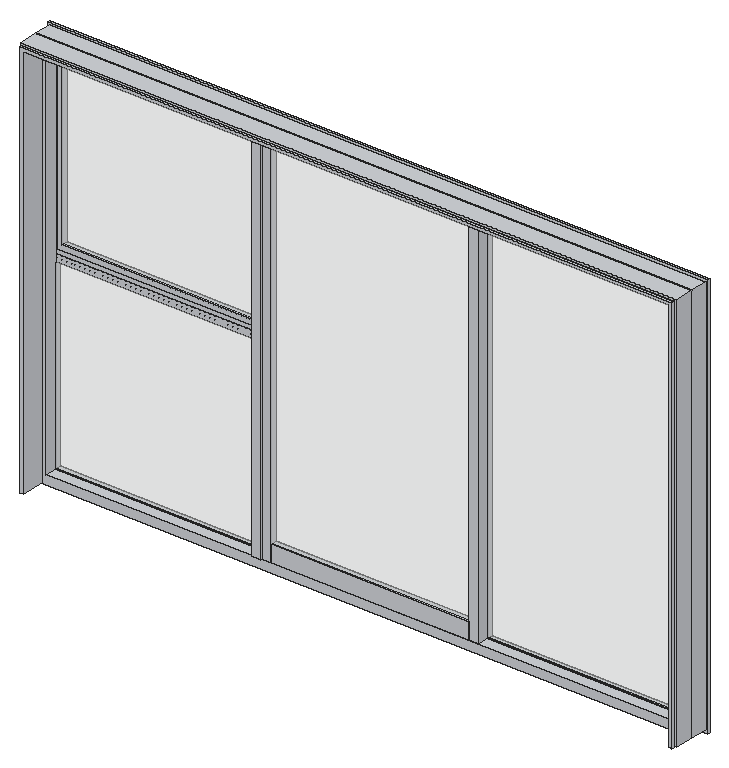
Revit family "APL Residential Thermal Heart Sliding Door FSF with Sidelight", category Doors, host Wall, Revit 2017 (continued)
Definition of nested family "APL Residential Thermal Heart Sliding Door FSF Vertical Section"
  Definition of nested family "Two Panel Sill"
    Definition of nested family "65380_Frame Sill"
      Lines and regions (mm)
        detail lines, in view "Ref. Level"
          curve 485: arc (13.393, 1.8, 0) -> (13.496, 1.814, 0) -> (13.593, 1.854, 0) r 0.4
          curve 486: arc (15.121, 2.739, 0) -> (15.411, 2.859, 0) -> (15.722, 2.9, 0) r 1.2
          curve 487: arc (16.645, 2.9, 0) -> (17.218, 3.081, 0) -> (17.584, 3.558, 0) r 1
          curve 488: arc (18.377, 5.737, 0) -> (18.524, 5.928, 0) -> (18.753, 6, 0) r 0.4
          curve 489: arc (21.447, 6, 0) -> (21.676, 5.928, 0) -> (21.823, 5.737, 0) r 0.4
          curve 490: arc (22.616, 3.558, 0) -> (22.982, 3.081, 0) -> (23.555, 2.9, 0) r 1
          curve 491: arc (24.478, 2.9, 0) -> (24.789, 2.859, 0) -> (25.079, 2.739, 0) r 1.2
          curve 492: arc (26.607, 1.854, 0) -> (26.704, 1.814, 0) -> (26.807, 1.8, 0) r 0.4
          curve 493: arc (27.1, 1.8, 0) -> (27.383, 1.917, 0) -> (27.5, 2.2, 0) r 0.4
          curve 494: arc (27.5, 5.6, 0) -> (27.383, 5.883, 0) -> (27.1, 6, 0) r 0.4
          curve 495: arc (26.807, 6, 0) -> (26.704, 5.987, 0) -> (26.607, 5.946, 0) r 0.4
          curve 496: arc (25.079, 5.062, 0) -> (24.785, 4.94, 0) -> (24.47, 4.9, 0) r 1.2
          curve 497: arc (24.47, 4.9, 0) -> (24.295, 4.953, 0) -> (24.184, 5.098, 0) r 0.3
          curve 498: arc (23.296, 7.537, 0) -> (23.149, 7.728, 0) -> (22.92, 7.8, 0) r 0.4
          curve 499: arc (17.28, 7.8, 0) -> (17.051, 7.728, 0) -> (16.904, 7.537, 0) r 0.4
          curve 500: arc (16.016, 5.098, 0) -> (15.905, 4.953, 0) -> (15.73, 4.9, 0) r 0.3
          curve 501: arc (15.73, 4.9, 0) -> (15.415, 4.94, 0) -> (15.121, 5.062, 0) r 1.2
          curve 502: arc (13.593, 5.946, 0) -> (13.496, 5.987, 0) -> (13.393, 6, 0) r 0.4
          curve 503: arc (13.1, 6, 0) -> (12.817, 5.883, 0) -> (12.7, 5.6, 0) r 0.4
          curve 504: line (13.1, 1.8, 0) -> (13.393, 1.8, 0)
          curve 505: line (13.593, 1.854, 0) -> (15.121, 2.739, 0)
          curve 506: line (15.722, 2.9, 0) -> (16.645, 2.9, 0)
          curve 507: line (17.584, 3.558, 0) -> (18.377, 5.737, 0)
          curve 508: line (18.753, 6, 0) -> (21.447, 6, 0)
          curve 509: line (21.823, 5.737, 0) -> (22.616, 3.558, 0)
          curve 510: line (23.555, 2.9, 0) -> (24.478, 2.9, 0)
          curve 511: line (25.079, 2.739, 0) -> (26.607, 1.854, 0)
          curve 512: line (26.807, 1.8, 0) -> (27.1, 1.8, 0)
          curve 513: line (27.5, 2.2, 0) -> (27.5, 5.6, 0)
          curve 514: line (27.1, 6, 0) -> (26.807, 6, 0)
          curve 515: line (26.607, 5.946, 0) -> (25.079, 5.062, 0)
          curve 516: line (24.184, 5.098, 0) -> (23.296, 7.537, 0)
          curve 517: line (22.92, 7.8, 0) -> (17.28, 7.8, 0)
          curve 518: line (16.904, 7.537, 0) -> (16.016, 5.098, 0)
          curve 519: line (15.121, 5.062, 0) -> (13.593, 5.946, 0)
          curve 520: line (13.393, 6, 0) -> (13.1, 6, 0)
          curve 521: line (12.7, 5.6, 0) -> (12.7, 2.2, 0)
          curve 522: arc (12.7, 18.4, 0) -> (12.817, 18.117, 0) -> (13.1, 18, 0) r 0.4
          curve 523: arc (13.393, 18, 0) -> (13.496, 18.014, 0) -> (13.593, 18.054, 0) r 0.4
          curve 524: arc (15.121, 18.939, 0) -> (15.411, 19.059, 0) -> (15.722, 19.1, 0) r 1.2
          curve 525: arc (16.645, 19.1, 0) -> (17.218, 19.281, 0) -> (17.584, 19.758, 0) r 1
          curve 526: arc (18.377, 21.937, 0) -> (18.524, 22.128, 0) -> (18.753, 22.2, 0) r 0.4
          curve 527: arc (21.447, 22.2, 0) -> (21.676, 22.128, 0) -> (21.823, 21.937, 0) r 0.4
          curve 528: arc (22.616, 19.758, 0) -> (22.982, 19.281, 0) -> (23.555, 19.1, 0) r 1
          curve 529: arc (24.478, 19.1, 0) -> (24.789, 19.059, 0) -> (25.079, 18.939, 0) r 1.2
          curve 530: arc (26.607, 18.054, 0) -> (26.704, 18.014, 0) -> (26.807, 18, 0) r 0.4
          curve 531: arc (27.1, 18, 0) -> (27.383, 18.117, 0) -> (27.5, 18.4, 0) r 0.4
          curve 532: arc (27.5, 21.8, 0) -> (27.383, 22.083, 0) -> (27.1, 22.2, 0) r 0.4
          curve 533: arc (26.807, 22.2, 0) -> (26.704, 22.187, 0) -> (26.607, 22.146, 0) r 0.4
          curve 534: arc (25.079, 21.262, 0) -> (24.785, 21.14, 0) -> (24.47, 21.1, 0) r 1.2
          curve 535: arc (24.47, 21.1, 0) -> (24.295, 21.153, 0) -> (24.184, 21.298, 0) r 0.3
          curve 536: arc (23.296, 23.737, 0) -> (23.149, 23.928, 0) -> (22.92, 24, 0) r 0.4
          curve 537: arc (17.28, 24, 0) -> (17.051, 23.928, 0) -> (16.904, 23.737, 0) r 0.4
          curve 538: arc (16.016, 21.298, 0) -> (15.905, 21.153, 0) -> (15.73, 21.1, 0) r 0.3
          curve 539: arc (15.73, 21.1, 0) -> (15.415, 21.14, 0) -> (15.121, 21.262, 0) r 1.2
          curve 540: arc (13.593, 22.146, 0) -> (13.496, 22.187, 0) -> (13.393, 22.2, 0) r 0.4
          curve 541: arc (13.1, 22.2, 0) -> (12.817, 22.083, 0) -> (12.7, 21.8, 0) r 0.4
          curve 542: line (13.1, 18, 0) -> (13.393, 18, 0)
          curve 543: line (13.593, 18.054, 0) -> (15.121, 18.939, 0)
          curve 544: line (15.722, 19.1, 0) -> (16.645, 19.1, 0)
          curve 545: line (17.584, 19.758, 0) -> (18.377, 21.937, 0)
          curve 546: line (18.753, 22.2, 0) -> (21.447, 22.2, 0)
          curve 547: line (21.823, 21.937, 0) -> (22.616, 19.758, 0)
          curve 548: line (23.555, 19.1, 0) -> (24.478, 19.1, 0)
          curve 549: line (25.079, 18.939, 0) -> (26.607, 18.054, 0)
          curve 550: line (26.807, 18, 0) -> (27.1, 18, 0)
          curve 551: line (27.5, 18.4, 0) -> (27.5, 21.8, 0)
          curve 552: line (27.1, 22.2, 0) -> (26.807, 22.2, 0)
          curve 553: line (26.607, 22.146, 0) -> (25.079, 21.262, 0)
          curve 554: line (24.184, 21.298, 0) -> (23.296, 23.737, 0)
          curve 555: line (22.92, 24, 0) -> (17.28, 24, 0)
          curve 556: line (16.904, 23.737, 0) -> (16.016, 21.298, 0)
          curve 557: line (15.121, 21.262, 0) -> (13.593, 22.146, 0)
          curve 558: line (13.393, 22.2, 0) -> (13.1, 22.2, 0)
          curve 559: line (12.7, 21.8, 0) -> (12.7, 18.4, 0)
          curve 560: arc (70.2, 10.4, 0) -> (70.317, 10.117, 0) -> (70.6, 10, 0) r 0.4
          curve 561: arc (70.893, 10, 0) -> (70.996, 10.014, 0) -> (71.093, 10.054, 0) r 0.4
          curve 562: arc (72.621, 10.939, 0) -> (72.911, 11.059, 0) -> (73.222, 11.1, 0) r 1.2
          curve 563: arc (74.145, 11.1, 0) -> (74.718, 11.281, 0) -> (75.084, 11.758, 0) r 1
          curve 564: arc (75.877, 13.937, 0) -> (76.024, 14.128, 0) -> (76.253, 14.2, 0) r 0.4
          curve 565: arc (78.947, 14.2, 0) -> (79.176, 14.128, 0) -> (79.323, 13.937, 0) r 0.4
          curve 566: arc (80.116, 11.758, 0) -> (80.482, 11.281, 0) -> (81.055, 11.1, 0) r 1
          curve 567: arc (81.978, 11.1, 0) -> (82.289, 11.059, 0) -> (82.579, 10.939, 0) r 1.2
          curve 568: arc (84.107, 10.054, 0) -> (84.204, 10.014, 0) -> (84.307, 10, 0) r 0.4
          curve 569: arc (84.6, 10, 0) -> (84.883, 10.117, 0) -> (85, 10.4, 0) r 0.4
          curve 570: arc (85, 13.8, 0) -> (84.883, 14.083, 0) -> (84.6, 14.2, 0) r 0.4
          curve 571: arc (84.307, 14.2, 0) -> (84.204, 14.187, 0) -> (84.107, 14.146, 0) r 0.4
          curve 572: arc (82.579, 13.262, 0) -> (82.285, 13.14, 0) -> (81.97, 13.1, 0) r 1.2
          curve 573: arc (81.97, 13.1, 0) -> (81.795, 13.153, 0) -> (81.684, 13.298, 0) r 0.3
          curve 574: arc (80.796, 15.737, 0) -> (80.649, 15.928, 0) -> (80.42, 16, 0) r 0.4
          curve 575: arc (74.78, 16, 0) -> (74.551, 15.928, 0) -> (74.404, 15.737, 0) r 0.4
          curve 576: arc (73.516, 13.298, 0) -> (73.405, 13.153, 0) -> (73.23, 13.1, 0) r 0.3
          curve 577: arc (73.23, 13.1, 0) -> (72.915, 13.14, 0) -> (72.621, 13.262, 0) r 1.2
          curve 578: arc (71.093, 14.146, 0) -> (70.996, 14.187, 0) -> (70.893, 14.2, 0) r 0.4
          curve 579: arc (70.6, 14.2, 0) -> (70.317, 14.083, 0) -> (70.2, 13.8, 0) r 0.4
          curve 580: line (70.6, 10, 0) -> (70.893, 10, 0)
          curve 581: line (71.093, 10.054, 0) -> (72.621, 10.939, 0)
          curve 582: line (73.222, 11.1, 0) -> (74.145, 11.1, 0)
          curve 583: line (75.084, 11.758, 0) -> (75.877, 13.937, 0)
          curve 584: line (76.253, 14.2, 0) -> (78.947, 14.2, 0)
          curve 585: line (79.323, 13.937, 0) -> (80.116, 11.758, 0)
          curve 586: line (81.055, 11.1, 0) -> (81.978, 11.1, 0)
          curve 587: line (82.579, 10.939, 0) -> (84.107, 10.054, 0)
          curve 588: line (84.307, 10, 0) -> (84.6, 10, 0)
          curve 589: line (85, 10.4, 0) -> (85, 13.8, 0)
          curve 590: line (84.6, 14.2, 0) -> (84.307, 14.2, 0)
          curve 591: line (84.107, 14.146, 0) -> (82.579, 13.262, 0)
          curve 592: line (81.684, 13.298, 0) -> (80.796, 15.737, 0)
          curve 593: line (80.42, 16, 0) -> (74.78, 16, 0)
          curve 594: line (74.404, 15.737, 0) -> (73.516, 13.298, 0)
          curve 595: line (72.621, 13.262, 0) -> (71.093, 14.146, 0)
          curve 596: line (70.893, 14.2, 0) -> (70.6, 14.2, 0)
          curve 597: line (70.2, 13.8, 0) -> (70.2, 10.4, 0)
          curve 598: arc (70.2, 5.6, 0) -> (70.317, 5.883, 0) -> (70.6, 6, 0) r 0.4
          curve 599: arc (70.893, 6, 0) -> (70.996, 5.987, 0) -> (71.093, 5.946, 0) r 0.4
          curve 600: arc (72.621, 5.062, 0) -> (72.911, 4.941, 0) -> (73.222, 4.9, 0) r 1.2
          curve 601: arc (74.145, 4.9, 0) -> (74.718, 4.719, 0) -> (75.084, 4.242, 0) r 1
          curve 602: arc (75.877, 2.063, 0) -> (76.024, 1.873, 0) -> (76.253, 1.8, 0) r 0.4
          curve 603: arc (78.947, 1.8, 0) -> (79.176, 1.873, 0) -> (79.323, 2.063, 0) r 0.4
          curve 604: arc (80.116, 4.242, 0) -> (80.482, 4.719, 0) -> (81.055, 4.9, 0) r 1
          curve 605: arc (81.978, 4.9, 0) -> (82.289, 4.941, 0) -> (82.579, 5.062, 0) r 1.2
          curve 606: arc (84.107, 5.946, 0) -> (84.204, 5.987, 0) -> (84.307, 6, 0) r 0.4
          curve 607: arc (84.6, 6, 0) -> (84.883, 5.883, 0) -> (85, 5.6, 0) r 0.4
          curve 608: arc (85, 2.2, 0) -> (84.883, 1.917, 0) -> (84.6, 1.8, 0) r 0.4
          curve 609: arc (84.307, 1.8, 0) -> (84.204, 1.814, 0) -> (84.107, 1.854, 0) r 0.4
          curve 610: arc (82.579, 2.739, 0) -> (82.285, 2.86, 0) -> (81.97, 2.9, 0) r 1.2
          curve 611: arc (81.97, 2.9, 0) -> (81.795, 2.847, 0) -> (81.684, 2.703, 0) r 0.3
          curve 612: arc (80.796, 0.263, 0) -> (80.649, 0.073, 0) -> (80.42, 0, 0) r 0.4
          curve 613: arc (74.78, 0, 0) -> (74.551, 0.073, 0) -> (74.404, 0.263, 0) r 0.4
          curve 614: arc (73.516, 2.703, 0) -> (73.405, 2.847, 0) -> (73.23, 2.9, 0) r 0.3
          curve 615: arc (73.23, 2.9, 0) -> (72.915, 2.86, 0) -> (72.621, 2.739, 0) r 1.2
          curve 616: arc (71.093, 1.854, 0) -> (70.996, 1.814, 0) -> (70.893, 1.8, 0) r 0.4
          curve 617: arc (70.6, 1.8, 0) -> (70.317, 1.917, 0) -> (70.2, 2.2, 0) r 0.4
          curve 618: line (70.6, 6, 0) -> (70.893, 6, 0)
          curve 619: line (71.093, 5.946, 0) -> (72.621, 5.062, 0)
          curve 620: line (73.222, 4.9, 0) -> (74.145, 4.9, 0)
          curve 621: line (75.084, 4.242, 0) -> (75.877, 2.063, 0)
          curve 622: line (76.253, 1.8, 0) -> (78.947, 1.8, 0)
          curve 623: line (79.323, 2.063, 0) -> (80.116, 4.242, 0)
          curve 624: line (81.055, 4.9, 0) -> (81.978, 4.9, 0)
          curve 625: line (82.579, 5.062, 0) -> (84.107, 5.946, 0)
          curve 626: line (84.307, 6, 0) -> (84.6, 6, 0)
          curve 627: line (85, 5.6, 0) -> (85, 2.2, 0)
          curve 628: line (84.6, 1.8, 0) -> (84.307, 1.8, 0)
          curve 629: line (84.107, 1.854, 0) -> (82.579, 2.739, 0)
          curve 630: line (81.684, 2.703, 0) -> (80.796, 0.263, 0)
          curve 631: line (80.42, 0, 0) -> (74.78, 0, 0)
          curve 632: line (74.404, 0.263, 0) -> (73.516, 2.703, 0)
          curve 633: line (72.621, 2.739, 0) -> (71.093, 1.854, 0)
          curve 634: line (70.893, 1.8, 0) -> (70.6, 1.8, 0)
          curve 635: line (70.2, 2.2, 0) -> (70.2, 5.6, 0)
          curve 636: line (106.85, 34.861, 0) -> (112.6, 36.402, 0)
          curve 637: line (111.139, 36.01, 0) -> (106.85, 36.01, 0)
          curve 638: line (112.6, 36.85, 0) -> (106.85, 36.85, 0)
          curve 639: line (112.6, 37.69, 0) -> (106.85, 37.69, 0)
          curve 640: line (112.6, 38.61, 0) -> (106.85, 38.61, 0)
          curve 641: line (112.6, 39.45, 0) -> (106.85, 39.45, 0)
          curve 642: line (111.139, 40.29, 0) -> (106.85, 40.29, 0)
          curve 643: line (112.6, 39.899, 0) -> (106.85, 41.439, 0)
          curve 644: line (112.85, 34.7, 0) -> (112.85, 41.6, 0)
          curve 645: line (112.6, 41.6, 0) -> (112.6, 34.7, 0)
          curve 646: line (112.6, 34.7, 0) -> (113.1, 34.7, 0)
          curve 647: line (113.1, 34.7, 0) -> (113.1, 41.6, 0)
          curve 648: line (113.1, 41.6, 0) -> (112.6, 41.6, 0)
          curve 662: line (74.15, 34.861, 0) -> (68.4, 36.402, 0)
          curve 663: line (69.861, 36.01, 0) -> (74.15, 36.01, 0)
          curve 664: line (68.4, 36.85, 0) -> (74.15, 36.85, 0)
          curve 665: line (68.4, 37.69, 0) -> (74.15, 37.69, 0)
          curve 666: line (68.4, 38.61, 0) -> (74.15, 38.61, 0)
          curve 667: line (68.4, 39.45, 0) -> (74.15, 39.45, 0)
          curve 668: line (69.861, 40.29, 0) -> (74.15, 40.29, 0)
          curve 669: line (68.4, 39.899, 0) -> (74.15, 41.439, 0)
          curve 670: line (68.15, 34.7, 0) -> (68.15, 41.6, 0)
          curve 671: line (68.4, 41.6, 0) -> (68.4, 34.7, 0)
          curve 672: line (68.4, 34.7, 0) -> (67.9, 34.7, 0)
          curve 673: line (67.9, 34.7, 0) -> (67.9, 41.6, 0)
          curve 674: line (67.9, 41.6, 0) -> (68.4, 41.6, 0)
        detail lines, in view "Ref. Level", not visible
          curve 649: line (101.764, -41.439, 0) -> (107.514, -39.899, 0)
          curve 650: line (106.053, -40.29, 0) -> (101.764, -40.29, 0)
          curve 651: line (107.514, -39.45, 0) -> (101.764, -39.45, 0)
          curve 652: line (107.514, -38.61, 0) -> (101.764, -38.61, 0)
          curve 653: line (107.514, -37.69, 0) -> (101.764, -37.69, 0)
          curve 654: line (107.514, -36.85, 0) -> (101.764, -36.85, 0)
          curve 655: line (106.053, -36.01, 0) -> (101.764, -36.01, 0)
          curve 656: line (107.514, -36.401, 0) -> (101.764, -34.861, 0)
          curve 657: line (107.764, -41.6, 0) -> (107.764, -34.7, 0)
          curve 658: line (107.514, -34.7, 0) -> (107.514, -41.6, 0)
          curve 659: line (107.514, -41.6, 0) -> (108.014, -41.6, 0)
          curve 660: line (108.014, -41.6, 0) -> (108.014, -34.7, 0)
          curve 661: line (108.014, -34.7, 0) -> (107.514, -34.7, 0)
      Text (mm)
        text "65380" at (9.719, 46, 0), in view "Ref. Level"
  Definition of nested family "Two Panel Head"
    Parameters (values of type "Two Panel Head")
      Threshold = yes
      Seal = yes
    Reference planes
      plane 1 "Center (Front/Back)": y = 0
      plane 2: z = 0
      plane 3 "Center (Left/Right)": x = 0
    Lines and regions (mm)
      detail lines, in view "Ref. Level", visible <- "Seal"
        curve 1: arc (40.782, -34.147, 0) -> (40.472, -34.007, 0) -> (40.309, -34.306, 0) r 0.25
        curve 2: arc (40.336, -44.194, 0) -> (40.498, -44.493, 0) -> (40.808, -44.353, 0) r 0.25
        curve 3: line (40.309, -34.306, 0) -> (41.303, -38.173, 0)
        curve 4: line (41.303, -38.173, 0) -> (40.3, -38.753, 0)
        curve 5: line (40.3, -38.753, 0) -> (40.3, -39.753, 0)
        curve 6: line (40.3, -39.753, 0) -> (41.325, -40.344, 0)
        curve 7: line (41.325, -40.344, 0) -> (40.336, -44.194, 0)
        curve 8: line (40.808, -44.353, 0) -> (42.532, -40.253, 0)
        curve 9: line (42.532, -40.253, 0) -> (43.8, -40.253, 0)
        curve 10: line (43.8, -40.253, 0) -> (43.8, -41.503, 0)
        curve 11: line (43.8, -41.503, 0) -> (44.8, -41.503, 0)
        curve 12: line (44.8, -41.503, 0) -> (44.8, -37.003, 0)
        curve 13: line (44.8, -37.003, 0) -> (43.8, -37.003, 0)
        curve 14: line (43.8, -37.003, 0) -> (43.8, -38.253, 0)
        curve 15: line (43.8, -38.253, 0) -> (42.508, -38.253, 0)
        curve 16: line (42.508, -38.253, 0) -> (40.782, -34.147, 0)
      detail lines, in view "Ref. Level", visible <- "Seal", not visible
        curve 17: arc (40.782, -34.147, 0) -> (40.472, -34.007, 0) -> (40.309, -34.306, 0) r 0.25
        curve 18: arc (40.336, -44.194, 0) -> (40.498, -44.493, 0) -> (40.808, -44.353, 0) r 0.25
        curve 19: line (40.309, -34.306, 0) -> (41.303, -38.173, 0)
        curve 20: line (41.303, -38.173, 0) -> (40.3, -38.753, 0)
        curve 21: line (40.3, -38.753, 0) -> (40.3, -39.753, 0)
        curve 22: line (40.3, -39.753, 0) -> (41.325, -40.344, 0)
        curve 23: line (41.325, -40.344, 0) -> (40.336, -44.194, 0)
        curve 24: line (40.808, -44.353, 0) -> (42.532, -40.253, 0)
        curve 25: line (42.532, -40.253, 0) -> (43.8, -40.253, 0)
        curve 26: line (43.8, -40.253, 0) -> (43.8, -41.503, 0)
        curve 27: line (43.8, -41.503, 0) -> (44.8, -41.503, 0)
        curve 28: line (44.8, -41.503, 0) -> (44.8, -37.003, 0)
        curve 29: line (44.8, -37.003, 0) -> (43.8, -37.003, 0)
        curve 30: line (43.8, -37.003, 0) -> (43.8, -38.253, 0)
        curve 31: line (43.8, -38.253, 0) -> (42.508, -38.253, 0)
        curve 32: line (42.508, -38.253, 0) -> (40.782, -34.147, 0)
    Dimensions and locks
      nested 1 to nested 2 = 7 mm
    Nested families
      nested 1: "65460_Door Top And Window Rail" at (74, -105, 0), type "65460_Door Top And Window Rail", in view "Ref. Level"
      nested 2: "65400_Frame Head" at (0, 0, 0), type "65400_Frame Head", in view "Ref. Level"
    Definition of nested family "65460_Door Top And Window Rail"
      Reference planes
        plane 1 "Center (Front/Back)": y = 0
        plane 2: z = 0
        plane 3 "Center (Left/Right)": x = 0
      Lines and regions (mm)
        detail lines, in view "Ref. Level"
          curve 1: arc (20.155, 25.72, 0) -> (19.65, 25.078, 0) -> (19.29, 24.346, 0) r 3.9
          curve 2: arc (19.29, 24.346, 0) -> (19.067, 24.218, 0) -> (18.902, 24.415, 0) r 0.2
          curve 3: arc (18.902, 31.835, 0) -> (19.067, 32.032, 0) -> (19.29, 31.904, 0) r 0.2
          curve 4: arc (19.29, 31.904, 0) -> (19.65, 31.172, 0) -> (20.155, 30.53, 0) r 3.9
          curve 5: arc (20.155, 30.53, 0) -> (21.428, 30.513, 0) -> (21.445, 31.786, 0) r 0.9
          curve 6: arc (21.445, 31.786, 0) -> (20.85, 33.25, 0) -> (21.445, 34.715, 0) r 2.1
          curve 7: arc (21.445, 34.715, 0) -> (21.57, 34.877, 0) -> (21.656, 35.064, 0) r 0.9
          curve 8: arc (21.656, 35.064, 0) -> (21.753, 35.236, 0) -> (21.91, 35.358, 0) r 0.5
          curve 9: arc (21.91, 35.358, 0) -> (22.95, 35.6, 0) -> (23.99, 35.358, 0) r 2.35
          curve 10: arc (23.99, 35.358, 0) -> (24.147, 35.236, 0) -> (24.244, 35.064, 0) r 0.5
          curve 11: arc (24.244, 35.064, 0) -> (24.33, 34.877, 0) -> (24.455, 34.715, 0) r 0.9
          curve 12: arc (24.455, 34.715, 0) -> (25.05, 33.25, 0) -> (24.455, 31.786, 0) r 2.1
          curve 13: arc (24.455, 31.786, 0) -> (24.472, 30.513, 0) -> (25.745, 30.53, 0) r 0.9
          curve 14: arc (25.745, 30.53, 0) -> (26.799, 32.619, 0) -> (26.468, 34.934, 0) r 3.9
          curve 15: arc (26.468, 34.934, 0) -> (26.496, 35.417, 0) -> (26.919, 35.65, 0) r 0.5
          curve 16: arc (31.08, 35.65, 0) -> (31.402, 35.533, 0) -> (31.572, 35.236, 0) r 0.5
          curve 17: arc (31.572, 21.014, 0) -> (31.402, 20.717, 0) -> (31.08, 20.6, 0) r 0.5
          curve 18: arc (26.919, 20.6, 0) -> (26.496, 20.834, 0) -> (26.468, 21.316, 0) r 0.5
          curve 19: arc (26.468, 21.316, 0) -> (26.799, 23.631, 0) -> (25.745, 25.72, 0) r 3.9
          curve 20: arc (25.745, 25.72, 0) -> (24.472, 25.737, 0) -> (24.455, 24.464, 0) r 0.9
          curve 21: arc (24.455, 24.464, 0) -> (25.05, 23, 0) -> (24.455, 21.535, 0) r 2.1
          curve 22: arc (24.455, 21.535, 0) -> (24.33, 21.373, 0) -> (24.244, 21.186, 0) r 0.9
          curve 23: arc (24.244, 21.186, 0) -> (24.147, 21.014, 0) -> (23.99, 20.892, 0) r 0.5
          curve 24: arc (23.99, 20.892, 0) -> (22.95, 20.65, 0) -> (21.91, 20.892, 0) r 2.35
          curve 25: arc (21.91, 20.892, 0) -> (21.753, 21.014, 0) -> (21.656, 21.186, 0) r 0.5
          curve 26: arc (21.656, 21.186, 0) -> (21.57, 21.373, 0) -> (21.445, 21.535, 0) r 0.9
          curve 27: arc (21.445, 21.535, 0) -> (20.85, 23, 0) -> (21.445, 24.464, 0) r 2.1
          curve 28: arc (21.445, 24.464, 0) -> (21.428, 25.737, 0) -> (20.155, 25.72, 0) r 0.9
          curve 29: arc (17.002, 21.247, 0) -> (17.028, 21.125, 0) -> (17.102, 21.023, 0) r 0.3
          curve 30: arc (17.102, 21.023, 0) -> (17.182, 20.693, 0) -> (16.902, 20.5, 0) r 0.3
          curve 31: arc (14.681, 21.043, 0) -> (14.592, 21.095, 0) -> (14.54, 21.184, 0) r 0.2
          curve 32: arc (14.495, 21.352, 0) -> (14.354, 21.493, 0) -> (14.161, 21.441, 0) r 0.2
          curve 33: arc (13.797, 21.077, 0) -> (13.737, 20.992, 0) -> (13.71, 20.891, 0) r 0.3
          curve 34: arc (13.503, 18.526, 0) -> (13.619, 18.262, 0) -> (13.905, 18.218, 0) r 0.3
          curve 35: arc (15.315, 18.731, 0) -> (15.441, 18.819, 0) -> (15.507, 18.957, 0) r 0.3
          curve 36: arc (15.507, 18.957, 0) -> (15.78, 19.199, 0) -> (16.085, 19, 0) r 0.3
          curve 37: arc (31.1, 19, 0) -> (31.414, 18.904, 0) -> (31.601, 18.633, 0) r 0.5
          curve 38: arc (32.601, 3.535, 0) -> (32.523, 3.377, 0) -> (32.349, 3.342, 0) r 0.2
          curve 39: arc (31.453, 3.583, 0) -> (31.279, 3.548, 0) -> (31.201, 3.389, 0) r 0.2
          curve 40: arc (31.439, 1.205, 0) -> (31.508, 1.087, 0) -> (31.636, 1.04, 0) r 0.2
          curve 41: arc (32.901, 0.203, 0) -> (32.959, 0.06, 0) -> (33.101, 0, 0) r 0.2
          curve 42: arc (33.8, 0, 0) -> (33.941, 0.059, 0) -> (34, 0.2, 0) r 0.2
          curve 43: arc (34, 71.5, 0) -> (33.854, 71.854, 0) -> (33.5, 72, 0) r 0.5
          curve 44: arc (32.4, 72, 0) -> (32.259, 71.942, 0) -> (32.2, 71.8, 0) r 0.2
          curve 45: arc (32.2, 57.95, 0) -> (32.141, 57.809, 0) -> (32, 57.75, 0) r 0.2
          curve 46: arc (29.4, 57.75, 0) -> (29.259, 57.692, 0) -> (29.2, 57.55, 0) r 0.2
          curve 47: arc (29.2, 56.45, 0) -> (29.259, 56.309, 0) -> (29.4, 56.25, 0) r 0.2
          curve 48: arc (32, 56.25, 0) -> (32.141, 56.192, 0) -> (32.2, 56.05, 0) r 0.2
          curve 49: arc (32.2, 42.95, 0) -> (32.141, 42.809, 0) -> (32, 42.75, 0) r 0.2
          curve 50: arc (29.4, 42.75, 0) -> (29.259, 42.692, 0) -> (29.2, 42.55, 0) r 0.2
          curve 51: arc (29.2, 41.45, 0) -> (29.259, 41.309, 0) -> (29.4, 41.25, 0) r 0.2
          curve 52: arc (32, 41.25, 0) -> (32.141, 41.192, 0) -> (32.2, 41.05, 0) r 0.2
          curve 53: arc (31.601, 37.618, 0) -> (31.422, 37.352, 0) -> (31.119, 37.25, 0) r 0.5
          curve 54: arc (16.085, 37.25, 0) -> (15.78, 37.051, 0) -> (15.507, 37.293, 0) r 0.3
          curve 55: arc (15.507, 37.293, 0) -> (15.441, 37.431, 0) -> (15.315, 37.519, 0) r 0.3
          curve 56: arc (13.905, 38.032, 0) -> (13.619, 37.988, 0) -> (13.503, 37.724, 0) r 0.3
          curve 57: arc (13.71, 35.359, 0) -> (13.737, 35.258, 0) -> (13.797, 35.173, 0) r 0.3
          curve 58: arc (14.161, 34.809, 0) -> (14.354, 34.757, 0) -> (14.495, 34.898, 0) r 0.2
          curve 59: arc (14.54, 35.066, 0) -> (14.592, 35.155, 0) -> (14.681, 35.207, 0) r 0.2
          curve 60: arc (16.902, 35.75, 0) -> (17.182, 35.557, 0) -> (17.102, 35.227, 0) r 0.3
          curve 61: arc (17.102, 35.227, 0) -> (17.028, 35.125, 0) -> (17.002, 35.003, 0) r 0.3
          curve 62: arc (17.196, 31, 0) -> (17.16, 30.828, 0) -> (17.002, 30.75, 0) r 0.2
          curve 63: arc (16.482, 30.75, 0) -> (16.4, 30.761, 0) -> (16.325, 30.794, 0) r 0.3
          curve 64: arc (15.071, 31.559, 0) -> (15.074, 31.729, 0) -> (14.968, 31.861, 0) r 0.25
          curve 65: arc (14.882, 31.914, 0) -> (14.63, 31.918, 0) -> (14.502, 31.7, 0) r 0.25
          curve 66: arc (14.502, 29.554, 0) -> (14.528, 29.456, 0) -> (14.598, 29.383, 0) r 0.2
          curve 67: arc (16.379, 28.296, 0) -> (16.475, 28.125, 0) -> (16.379, 27.954, 0) r 0.2
          curve 68: arc (14.598, 26.867, 0) -> (14.528, 26.794, 0) -> (14.502, 26.696, 0) r 0.2
          curve 69: arc (14.502, 24.55, 0) -> (14.629, 24.332, 0) -> (14.882, 24.336, 0) r 0.25
          curve 70: arc (14.968, 24.388, 0) -> (15.074, 24.521, 0) -> (15.071, 24.691, 0) r 0.25
          curve 71: arc (16.325, 25.456, 0) -> (16.4, 25.489, 0) -> (16.481, 25.5, 0) r 0.3
          curve 72: line (18.902, 24.415, 0) -> (18.902, 31.835, 0)
          curve 73: line (26.919, 35.65, 0) -> (31.08, 35.65, 0)
          curve 74: line (31.572, 35.236, 0) -> (32.193, 31.693, 0)
          curve 75: line (32.2, 31.607, 0) -> (32.2, 24.643, 0)
          curve 76: line (32.193, 24.557, 0) -> (31.572, 21.014, 0)
          curve 77: line (31.08, 20.6, 0) -> (26.919, 20.6, 0)
          curve 78: line (17.196, 25.25, 0) -> (17.002, 24.5, 0)
          curve 79: line (17.002, 24.474, 0) -> (17.002, 21.247, 0)
          curve 80: line (16.67, 20.51, 0) -> (14.681, 21.043, 0)
          curve 81: line (14.54, 21.184, 0) -> (14.495, 21.352, 0)
          curve 82: line (14.161, 21.441, 0) -> (13.797, 21.077, 0)
          curve 83: line (13.71, 20.891, 0) -> (13.503, 18.526, 0)
          curve 84: line (13.905, 18.218, 0) -> (15.315, 18.731, 0)
          curve 85: line (16.085, 19, 0) -> (31.1, 19, 0)
          curve 86: line (31.601, 18.633, 0) -> (32.583, 15.065, 0)
          curve 87: line (32.601, 14.933, 0) -> (32.601, 3.535, 0)
          curve 88: line (32.349, 3.342, 0) -> (31.453, 3.583, 0)
          curve 89: line (31.201, 3.389, 0) -> (31.201, 2.558, 0)
          curve 90: line (31.201, 2.558, 0) -> (31.439, 1.205, 0)
          curve 91: line (31.636, 1.04, 0) -> (32.901, 1.04, 0)
          curve 92: line (32.901, 1.04, 0) -> (32.901, 0.203, 0)
          curve 93: line (33.101, 0, 0) -> (33.8, 0, 0)
          curve 94: line (34, 0.2, 0) -> (34, 71.5, 0)
          curve 95: line (33.5, 72, 0) -> (32.4, 72, 0)
          curve 96: line (32.2, 71.8, 0) -> (32.2, 57.95, 0)
          curve 97: line (32, 57.75, 0) -> (29.4, 57.75, 0)
          curve 98: line (29.2, 57.55, 0) -> (29.2, 56.45, 0)
          curve 99: line (29.4, 56.25, 0) -> (32, 56.25, 0)
          curve 100: line (32.2, 56.05, 0) -> (32.2, 42.95, 0)
          curve 101: line (32, 42.75, 0) -> (29.4, 42.75, 0)
          curve 102: line (29.2, 42.55, 0) -> (29.2, 41.45, 0)
          curve 103: line (29.4, 41.25, 0) -> (32, 41.25, 0)
          curve 104: line (32.2, 41.05, 0) -> (32.2, 39.861, 0)
          curve 105: line (32.182, 39.728, 0) -> (31.601, 37.618, 0)
          curve 106: line (31.119, 37.25, 0) -> (23.35, 37.25, 0)
          curve 107: line (23.35, 37.25, 0) -> (22.95, 36.85, 0)
          curve 108: line (22.95, 36.85, 0) -> (22.55, 37.25, 0)
          curve 109: line (22.55, 37.25, 0) -> (16.085, 37.25, 0)
          curve 110: line (15.315, 37.519, 0) -> (13.905, 38.032, 0)
          curve 111: line (13.503, 37.724, 0) -> (13.71, 35.359, 0)
          curve 112: line (13.797, 35.173, 0) -> (14.161, 34.809, 0)
          curve 113: line (14.495, 34.898, 0) -> (14.54, 35.066, 0)
          curve 114: line (14.681, 35.207, 0) -> (16.67, 35.74, 0)
          curve 115: line (17.002, 35.003, 0) -> (17.002, 31.776, 0)
          curve 116: line (17.002, 31.75, 0) -> (17.196, 31, 0)
          curve 117: line (17.002, 30.75, 0) -> (16.482, 30.75, 0)
          curve 118: line (16.325, 30.794, 0) -> (15.071, 31.559, 0)
          curve 119: line (14.502, 31.7, 0) -> (14.502, 29.554, 0)
          curve 120: line (14.598, 29.383, 0) -> (16.379, 28.296, 0)
          curve 121: line (16.379, 27.954, 0) -> (14.598, 26.867, 0)
          curve 122: line (14.502, 26.696, 0) -> (14.502, 24.55, 0)
          curve 123: line (15.071, 24.691, 0) -> (16.325, 25.456, 0)
          curve 124: line (16.481, 25.5, 0) -> (17.002, 25.5, 0)
          curve 125: arc (17.002, 25.5, 0) -> (17.16, 25.422, 0) -> (17.196, 25.25, 0) r 0.2
          curve 126: arc (2.202, 31.65, 0) -> (2.319, 31.367, 0) -> (2.602, 31.25, 0) r 0.4
          curve 127: arc (2.895, 31.25, 0) -> (2.998, 31.264, 0) -> (3.095, 31.304, 0) r 0.4
          curve 128: arc (4.623, 32.189, 0) -> (4.913, 32.309, 0) -> (5.224, 32.35, 0) r 1.2
          curve 129: arc (6.147, 32.35, 0) -> (6.72, 32.531, 0) -> (7.086, 33.008, 0) r 1
          curve 130: arc (7.879, 35.187, 0) -> (8.026, 35.378, 0) -> (8.255, 35.45, 0) r 0.4
          curve 131: arc (10.949, 35.45, 0) -> (11.178, 35.378, 0) -> (11.325, 35.187, 0) r 0.4
          curve 132: arc (12.118, 33.008, 0) -> (12.484, 32.531, 0) -> (13.057, 32.35, 0) r 1
          curve 133: arc (13.98, 32.35, 0) -> (14.291, 32.309, 0) -> (14.581, 32.189, 0) r 1.2
          curve 134: arc (16.109, 31.304, 0) -> (16.206, 31.264, 0) -> (16.309, 31.25, 0) r 0.4
          curve 135: arc (16.602, 31.25, 0) -> (16.885, 31.367, 0) -> (17.002, 31.65, 0) r 0.4
          curve 136: arc (17.002, 35.05, 0) -> (16.885, 35.333, 0) -> (16.602, 35.45, 0) r 0.4
          curve 137: arc (16.309, 35.45, 0) -> (16.206, 35.437, 0) -> (16.109, 35.396, 0) r 0.4
          curve 138: arc (14.581, 34.512, 0) -> (14.287, 34.39, 0) -> (13.972, 34.35, 0) r 1.2
          curve 139: arc (13.972, 34.35, 0) -> (13.797, 34.403, 0) -> (13.686, 34.548, 0) r 0.3
          curve 140: arc (12.798, 36.987, 0) -> (12.651, 37.178, 0) -> (12.422, 37.25, 0) r 0.4
          curve 141: arc (6.782, 37.25, 0) -> (6.553, 37.178, 0) -> (6.406, 36.987, 0) r 0.4
          curve 142: arc (5.518, 34.548, 0) -> (5.407, 34.403, 0) -> (5.232, 34.35, 0) r 0.3
          curve 143: arc (5.232, 34.35, 0) -> (4.917, 34.39, 0) -> (4.623, 34.512, 0) r 1.2
          curve 144: arc (3.095, 35.396, 0) -> (2.998, 35.437, 0) -> (2.895, 35.45, 0) r 0.4
          curve 145: arc (2.602, 35.45, 0) -> (2.319, 35.333, 0) -> (2.202, 35.05, 0) r 0.4
          curve 146: line (2.602, 31.25, 0) -> (2.895, 31.25, 0)
          curve 147: line (3.095, 31.304, 0) -> (4.623, 32.189, 0)
          curve 148: line (5.224, 32.35, 0) -> (6.147, 32.35, 0)
          curve 149: line (7.086, 33.008, 0) -> (7.879, 35.187, 0)
          curve 150: line (8.255, 35.45, 0) -> (10.949, 35.45, 0)
          curve 151: line (11.325, 35.187, 0) -> (12.118, 33.008, 0)
          curve 152: line (13.057, 32.35, 0) -> (13.98, 32.35, 0)
          curve 153: line (14.581, 32.189, 0) -> (16.109, 31.304, 0)
          curve 154: line (16.309, 31.25, 0) -> (16.602, 31.25, 0)
          curve 155: line (17.002, 31.65, 0) -> (17.002, 35.05, 0)
          curve 156: line (16.602, 35.45, 0) -> (16.309, 35.45, 0)
          curve 157: line (16.109, 35.396, 0) -> (14.581, 34.512, 0)
          curve 158: line (13.686, 34.548, 0) -> (12.798, 36.987, 0)
          curve 159: line (12.422, 37.25, 0) -> (6.782, 37.25, 0)
          curve 160: line (6.406, 36.987, 0) -> (5.518, 34.548, 0)
          curve 161: line (4.623, 34.512, 0) -> (3.095, 35.396, 0)
          curve 162: line (2.895, 35.45, 0) -> (2.602, 35.45, 0)
          curve 163: line (2.202, 35.05, 0) -> (2.202, 31.65, 0)
          curve 164: arc (2.202, 24.6, 0) -> (2.319, 24.883, 0) -> (2.602, 25, 0) r 0.4
          curve 165: arc (2.895, 25, 0) -> (2.998, 24.986, 0) -> (3.095, 24.946, 0) r 0.4
          curve 166: arc (4.623, 24.061, 0) -> (4.913, 23.941, 0) -> (5.224, 23.9, 0) r 1.2
          curve 167: arc (6.147, 23.9, 0) -> (6.72, 23.719, 0) -> (7.086, 23.242, 0) r 1
          curve 168: arc (7.879, 21.063, 0) -> (8.026, 20.872, 0) -> (8.255, 20.8, 0) r 0.4
          curve 169: arc (10.949, 20.8, 0) -> (11.178, 20.872, 0) -> (11.325, 21.063, 0) r 0.4
          curve 170: arc (12.118, 23.242, 0) -> (12.484, 23.719, 0) -> (13.057, 23.9, 0) r 1
          curve 171: arc (13.98, 23.9, 0) -> (14.291, 23.941, 0) -> (14.581, 24.061, 0) r 1.2
          curve 172: arc (16.109, 24.946, 0) -> (16.206, 24.986, 0) -> (16.309, 25, 0) r 0.4
          curve 173: arc (16.602, 25, 0) -> (16.885, 24.883, 0) -> (17.002, 24.6, 0) r 0.4
          curve 174: arc (17.002, 21.2, 0) -> (16.885, 20.917, 0) -> (16.602, 20.8, 0) r 0.4
          curve 175: arc (16.309, 20.8, 0) -> (16.206, 20.813, 0) -> (16.109, 20.854, 0) r 0.4
          curve 176: arc (14.581, 21.738, 0) -> (14.287, 21.86, 0) -> (13.972, 21.9, 0) r 1.2
          curve 177: arc (13.972, 21.9, 0) -> (13.797, 21.847, 0) -> (13.686, 21.702, 0) r 0.3
          curve 178: arc (12.798, 19.263, 0) -> (12.651, 19.072, 0) -> (12.422, 19, 0) r 0.4
          curve 179: arc (6.782, 19, 0) -> (6.553, 19.072, 0) -> (6.406, 19.263, 0) r 0.4
          curve 180: arc (5.518, 21.702, 0) -> (5.407, 21.847, 0) -> (5.232, 21.9, 0) r 0.3
          curve 181: arc (5.232, 21.9, 0) -> (4.917, 21.86, 0) -> (4.623, 21.738, 0) r 1.2
          curve 182: arc (3.095, 20.854, 0) -> (2.998, 20.813, 0) -> (2.895, 20.8, 0) r 0.4
          curve 183: arc (2.602, 20.8, 0) -> (2.319, 20.917, 0) -> (2.202, 21.2, 0) r 0.4
          curve 184: line (2.602, 25, 0) -> (2.895, 25, 0)
          curve 185: line (3.095, 24.946, 0) -> (4.623, 24.061, 0)
          curve 186: line (5.224, 23.9, 0) -> (6.147, 23.9, 0)
          curve 187: line (7.086, 23.242, 0) -> (7.879, 21.063, 0)
          curve 188: line (8.255, 20.8, 0) -> (10.949, 20.8, 0)
          curve 189: line (11.325, 21.063, 0) -> (12.118, 23.242, 0)
          curve 190: line (13.057, 23.9, 0) -> (13.98, 23.9, 0)
          curve 191: line (14.581, 24.061, 0) -> (16.109, 24.946, 0)
          curve 192: line (16.309, 25, 0) -> (16.602, 25, 0)
          curve 193: line (17.002, 24.6, 0) -> (17.002, 21.2, 0)
          curve 194: line (16.602, 20.8, 0) -> (16.309, 20.8, 0)
          curve 195: line (16.109, 20.854, 0) -> (14.581, 21.738, 0)
          curve 196: line (13.686, 21.702, 0) -> (12.798, 19.263, 0)
          curve 197: line (12.422, 19, 0) -> (6.782, 19, 0)
          curve 198: line (6.406, 19.263, 0) -> (5.518, 21.702, 0)
          curve 199: line (4.623, 21.738, 0) -> (3.095, 20.854, 0)
          curve 200: line (2.895, 20.8, 0) -> (2.602, 20.8, 0)
          curve 201: line (2.202, 21.2, 0) -> (2.202, 24.6, 0)
          curve 202: arc (2.402, 7.33, 0) -> (2.261, 7.271, 0) -> (2.202, 7.13, 0) r 0.2
          curve 203: arc (2.202, 6.53, 0) -> (2.143, 6.388, 0) -> (2.002, 6.33, 0) r 0.2
          curve 204: arc (1.6, 6.33, 0) -> (1.459, 6.388, 0) -> (1.4, 6.53, 0) r 0.2
          curve 205: arc (1.644, 18.06, 0) -> (1.956, 18.728, 0) -> (2.642, 19, 0) r 1
          curve 206: arc (3.119, 19, 0) -> (3.424, 19.199, 0) -> (3.697, 18.957, 0) r 0.3
          curve 207: arc (3.697, 18.957, 0) -> (3.763, 18.819, 0) -> (3.889, 18.731, 0) r 0.3
          curve 208: arc (5.299, 18.218, 0) -> (5.585, 18.262, 0) -> (5.701, 18.526, 0) r 0.3
          curve 209: arc (5.494, 20.891, 0) -> (5.467, 20.992, 0) -> (5.407, 21.077, 0) r 0.3
          curve 210: arc (5.043, 21.441, 0) -> (4.85, 21.493, 0) -> (4.709, 21.352, 0) r 0.2
          curve 211: arc (4.664, 21.184, 0) -> (4.612, 21.095, 0) -> (4.523, 21.043, 0) r 0.2
          curve 212: arc (2.302, 20.5, 0) -> (2.022, 20.693, 0) -> (2.102, 21.023, 0) r 0.3
          curve 213: arc (2.102, 21.023, 0) -> (2.176, 21.125, 0) -> (2.202, 21.247, 0) r 0.3
          curve 214: arc (2.008, 25.25, 0) -> (2.044, 25.422, 0) -> (2.202, 25.5, 0) r 0.2
          curve 215: arc (2.722, 25.5, 0) -> (2.804, 25.489, 0) -> (2.879, 25.456, 0) r 0.3
          curve 216: arc (4.133, 24.691, 0) -> (4.13, 24.521, 0) -> (4.236, 24.388, 0) r 0.25
          curve 217: arc (4.322, 24.336, 0) -> (4.574, 24.332, 0) -> (4.702, 24.55, 0) r 0.25
          curve 218: arc (4.702, 26.696, 0) -> (4.676, 26.794, 0) -> (4.606, 26.867, 0) r 0.2
          curve 219: arc (2.725, 28.015, 0) -> (2.629, 28.186, 0) -> (2.725, 28.357, 0) r 0.2
          curve 220: arc (4.606, 29.505, 0) -> (4.676, 29.578, 0) -> (4.702, 29.676, 0) r 0.2
          curve 221: arc (4.702, 31.7, 0) -> (4.575, 31.918, 0) -> (4.322, 31.914, 0) r 0.25
          curve 222: arc (4.236, 31.861, 0) -> (4.13, 31.729, 0) -> (4.133, 31.559, 0) r 0.25
          curve 223: arc (2.879, 30.794, 0) -> (2.804, 30.761, 0) -> (2.723, 30.75, 0) r 0.3
          curve 224: arc (2.202, 30.75, 0) -> (2.044, 30.828, 0) -> (2.008, 31, 0) r 0.2
          curve 225: arc (2.202, 35.003, 0) -> (2.176, 35.125, 0) -> (2.102, 35.227, 0) r 0.3
          curve 226: arc (2.102, 35.227, 0) -> (2.022, 35.557, 0) -> (2.302, 35.75, 0) r 0.3
          curve 227: arc (4.523, 35.207, 0) -> (4.612, 35.155, 0) -> (4.664, 35.066, 0) r 0.2
          curve 228: arc (4.709, 34.898, 0) -> (4.85, 34.757, 0) -> (5.043, 34.809, 0) r 0.2
          curve 229: arc (5.407, 35.173, 0) -> (5.467, 35.258, 0) -> (5.494, 35.359, 0) r 0.3
          curve 230: arc (5.701, 37.724, 0) -> (5.585, 37.988, 0) -> (5.299, 38.032, 0) r 0.3
          curve 231: arc (3.889, 37.519, 0) -> (3.763, 37.431, 0) -> (3.697, 37.293, 0) r 0.3
          curve 232: arc (3.697, 37.293, 0) -> (3.424, 37.051, 0) -> (3.119, 37.25, 0) r 0.3
          curve 233: arc (2.3, 37.25, 0) -> (1.946, 37.397, 0) -> (1.8, 37.75, 0) r 0.5
          curve 234: arc (1.8, 41.053, 0) -> (1.86, 41.193, 0) -> (2, 41.25, 0) r 0.2
          curve 235: arc (3, 41.25, 0) -> (3.141, 41.309, 0) -> (3.2, 41.45, 0) r 0.2
          curve 236: arc (3.2, 42.55, 0) -> (3.141, 42.692, 0) -> (3, 42.75, 0) r 0.2
          curve 237: arc (2, 42.75, 0) -> (1.86, 42.808, 0) -> (1.8, 42.947, 0) r 0.2
          curve 238: arc (1.8, 56.053, 0) -> (1.86, 56.193, 0) -> (2, 56.25, 0) r 0.2
          curve 239: arc (3, 56.25, 0) -> (3.141, 56.309, 0) -> (3.2, 56.45, 0) r 0.2
          curve 240: arc (3.2, 57.55, 0) -> (3.141, 57.692, 0) -> (3, 57.75, 0) r 0.2
          curve 241: arc (2, 57.75, 0) -> (1.86, 57.808, 0) -> (1.8, 57.947, 0) r 0.2
          curve 242: arc (1.8, 71.8, 0) -> (1.741, 71.942, 0) -> (1.6, 72, 0) r 0.2
          curve 243: arc (0.5, 72, 0) -> (0.146, 71.854, 0) -> (0, 71.5, 0) r 0.5
          curve 244: arc (0, 0.2, 0) -> (0.059, 0.058, 0) -> (0.2, 0, 0) r 0.2
          curve 245: arc (3.002, 0, 0) -> (3.143, 0.058, 0) -> (3.202, 0.2, 0) r 0.2
          curve 246: arc (3.202, 1.63, 0) -> (3.143, 1.771, 0) -> (3.002, 1.83, 0) r 0.2
          curve 247: arc (2.402, 1.83, 0) -> (2.261, 1.771, 0) -> (2.202, 1.63, 0) r 0.2
          curve 248: arc (2.202, 1.28, 0) -> (2.143, 1.138, 0) -> (2.002, 1.08, 0) r 0.2
          curve 249: arc (1.402, 1.08, 0) -> (1.261, 1.138, 0) -> (1.202, 1.28, 0) r 0.2
          curve 250: arc (1.202, 4.38, 0) -> (1.261, 4.521, 0) -> (1.402, 4.58, 0) r 0.2
          curve 251: arc (2.002, 4.58, 0) -> (2.143, 4.521, 0) -> (2.202, 4.38, 0) r 0.2
          curve 252: arc (2.202, 4.03, 0) -> (2.261, 3.888, 0) -> (2.402, 3.83, 0) r 0.2
          curve 253: arc (3.002, 3.83, 0) -> (3.143, 3.888, 0) -> (3.202, 4.03, 0) r 0.2
          curve 254: line (3.002, 7.33, 0) -> (2.402, 7.33, 0)
          curve 255: line (2.202, 7.13, 0) -> (2.202, 6.53, 0)
          curve 256: line (2.002, 6.33, 0) -> (1.6, 6.33, 0)
          curve 257: line (1.4, 6.53, 0) -> (1.4, 14, 0)
          curve 258: line (1.4, 14, 0) -> (1.644, 18.06, 0)
          curve 259: line (2.642, 19, 0) -> (3.119, 19, 0)
          curve 260: line (3.889, 18.731, 0) -> (5.299, 18.218, 0)
          curve 261: line (5.701, 18.526, 0) -> (5.494, 20.891, 0)
          curve 262: line (5.407, 21.077, 0) -> (5.043, 21.441, 0)
          curve 263: line (4.709, 21.352, 0) -> (4.664, 21.184, 0)
          curve 264: line (4.523, 21.043, 0) -> (2.534, 20.51, 0)
          curve 265: line (2.202, 21.247, 0) -> (2.202, 24.474, 0)
          curve 266: line (2.196, 24.524, 0) -> (2.008, 25.25, 0)
          curve 267: line (2.202, 25.5, 0) -> (2.722, 25.5, 0)
          curve 268: line (2.879, 25.456, 0) -> (4.133, 24.691, 0)
          curve 269: line (4.702, 24.55, 0) -> (4.702, 26.696, 0)
          curve 270: line (4.606, 26.867, 0) -> (2.725, 28.015, 0)
          curve 271: line (2.725, 28.357, 0) -> (4.606, 29.505, 0)
          curve 272: line (4.702, 29.676, 0) -> (4.702, 31.7, 0)
          curve 273: line (4.133, 31.559, 0) -> (2.879, 30.794, 0)
          curve 274: line (2.723, 30.75, 0) -> (2.202, 30.75, 0)
          curve 275: line (2.008, 31, 0) -> (2.196, 31.726, 0)
          curve 276: line (2.202, 31.776, 0) -> (2.202, 35.003, 0)
          curve 277: line (2.534, 35.74, 0) -> (4.523, 35.207, 0)
          curve 278: line (4.664, 35.066, 0) -> (4.709, 34.898, 0)
          curve 279: line (5.043, 34.809, 0) -> (5.407, 35.173, 0)
          curve 280: line (5.494, 35.359, 0) -> (5.701, 37.724, 0)
          curve 281: line (5.299, 38.032, 0) -> (3.889, 37.519, 0)
          curve 282: line (3.119, 37.25, 0) -> (2.3, 37.25, 0)
          curve 283: line (1.8, 37.75, 0) -> (1.8, 41.053, 0)
          curve 284: line (2, 41.25, 0) -> (3, 41.25, 0)
          curve 285: line (3.2, 41.45, 0) -> (3.2, 42.55, 0)
          curve 286: line (3, 42.75, 0) -> (2, 42.75, 0)
          curve 287: line (1.8, 42.947, 0) -> (1.8, 56.053, 0)
          curve 288: line (2, 56.25, 0) -> (3, 56.25, 0)
          curve 289: line (3.2, 56.45, 0) -> (3.2, 57.55, 0)
          curve 290: line (3, 57.75, 0) -> (2, 57.75, 0)
          curve 291: line (1.8, 57.947, 0) -> (1.8, 71.8, 0)
          curve 292: line (1.6, 72, 0) -> (0.5, 72, 0)
          curve 293: line (0, 71.5, 0) -> (0, 0.2, 0)
          curve 294: line (0.2, 0, 0) -> (3.002, 0, 0)
          curve 295: line (3.202, 0.2, 0) -> (3.202, 1.63, 0)
          curve 296: line (3.002, 1.83, 0) -> (2.402, 1.83, 0)
          curve 297: line (2.202, 1.63, 0) -> (2.202, 1.28, 0)
          curve 298: line (2.002, 1.08, 0) -> (1.402, 1.08, 0)
          curve 299: line (1.202, 1.28, 0) -> (1.202, 4.38, 0)
          curve 300: line (1.402, 4.58, 0) -> (2.002, 4.58, 0)
          curve 301: line (2.202, 4.38, 0) -> (2.202, 4.03, 0)
          curve 302: line (2.402, 3.83, 0) -> (3.002, 3.83, 0)
          curve 303: line (3.202, 4.03, 0) -> (3.202, 7.13, 0)
          curve 304: arc (3.202, 7.13, 0) -> (3.143, 7.271, 0) -> (3.002, 7.33, 0) r 0.2
      Text (mm)
        text "65460" at (7.711, 85.3, 0), in view "Ref. Level"
    Definition of nested family "65400_Frame Head"
      Reference planes
        plane 1 "Center (Front/Back)": y = 0
        plane 2: z = 0
        plane 3 "Center (Left/Right)": x = 0
      Lines and regions (mm)
        detail lines, in view "Ref. Level"
          curve 1: arc (46.1, -24.2, 0) -> (45.602, -22.998, 0) -> (44.4, -22.5, 0) r 1.7
          curve 2: arc (29.9, -22.5, 0) -> (29.546, -22.354, 0) -> (29.4, -22, 0) r 0.5
          curve 3: arc (29.4, -8.901, 0) -> (29.546, -8.547, 0) -> (29.9, -8.4, 0) r 0.5
          curve 4: arc (36.605, -8.4, 0) -> (37.013, -8.479, 0) -> (37.363, -8.704, 0) r 1.1
          curve 5: arc (37.363, -8.704, 0) -> (38.199, -9.316, 0) -> (39.189, -9.621, 0) r 3.126
          curve 6: arc (62.286, -10.8, 0) -> (62.738, -11.119, 0) -> (63.285, -11.042, 0) r 0.75
          curve 7: arc (63.285, -11.042, 0) -> (64.2, -10.8, 0) -> (65.115, -11.042, 0) r 1.85
          curve 8: arc (65.115, -11.042, 0) -> (65.281, -11.112, 0) -> (65.459, -11.14, 0) r 0.75
          curve 9: arc (65.459, -11.14, 0) -> (65.663, -11.192, 0) -> (65.828, -11.324, 0) r 0.5
          curve 10: arc (65.828, -11.324, 0) -> (66.3, -12.65, 0) -> (65.828, -13.976, 0) r 2.1
          curve 11: arc (65.828, -13.976, 0) -> (65.663, -14.108, 0) -> (65.459, -14.16, 0) r 0.5
          curve 12: arc (65.459, -14.16, 0) -> (65.281, -14.188, 0) -> (65.115, -14.258, 0) r 0.75
          curve 13: arc (65.115, -14.258, 0) -> (63.721, -14.437, 0) -> (62.604, -13.585, 0) r 1.85
          curve 14: arc (62.604, -13.585, 0) -> (61.577, -13.317, 0) -> (61.309, -14.343, 0) r 0.75
          curve 15: arc (61.309, -14.343, 0) -> (62.349, -15.442, 0) -> (63.765, -15.972, 0) r 3.35
          curve 16: arc (63.765, -15.972, 0) -> (64.076, -16.138, 0) -> (64.2, -16.467, 0) r 0.5
          curve 17: arc (64.2, -25.517, 0) -> (64.489, -27.435, 0) -> (65.33, -29.182, 0) r 6.5
          curve 18: arc (65.33, -29.182, 0) -> (65.978, -30.526, 0) -> (66.2, -32, 0) r 5
          curve 19: arc (66.2, -41.1, 0) -> (66.054, -41.454, 0) -> (65.7, -41.6, 0) r 0.5
          curve 20: arc (47, -41.6, 0) -> (46.646, -41.454, 0) -> (46.5, -41.1, 0) r 0.5
          curve 21: arc (46.5, -36.5, 0) -> (46.396, -35.952, 0) -> (46.1, -35.48, 0) r 1.5
          curve 22: arc (24.183, -8.227, 0) -> (24.053, -8.162, 0) -> (24, -8.027, 0) r 0.2
          curve 23: arc (24.399, -5.679, 0) -> (24.668, -5.392, 0) -> (25.06, -5.387, 0) r 0.5
          curve 24: arc (25.06, -5.387, 0) -> (25.236, -5.3, 0) -> (25.42, -5.367, 0) r 0.25
          curve 25: arc (25.42, -5.367, 0) -> (25.563, -5.498, 0) -> (25.569, -5.691, 0) r 0.25
          curve 26: arc (26.823, -6.456, 0) -> (26.898, -6.489, 0) -> (26.979, -6.5, 0) r 0.3
          curve 27: arc (27.5, -6.5, 0) -> (27.658, -6.422, 0) -> (27.694, -6.25, 0) r 0.2
          curve 28: arc (27.5, -2.247, 0) -> (27.526, -2.125, 0) -> (27.6, -2.024, 0) r 0.3
          curve 29: arc (27.6, -2.024, 0) -> (27.664, -1.657, 0) -> (27.322, -1.51, 0) r 0.3
          curve 30: arc (25.179, -2.043, 0) -> (25.09, -2.095, 0) -> (25.038, -2.184, 0) r 0.2
          curve 31: arc (24.993, -2.352, 0) -> (24.852, -2.493, 0) -> (24.659, -2.441, 0) r 0.2
          curve 32: arc (24.295, -2.078, 0) -> (24.235, -1.992, 0) -> (24.208, -1.892, 0) r 0.3
          curve 33: arc (24.001, 0.474, 0) -> (24.117, 0.738, 0) -> (24.403, 0.782, 0) r 0.3
          curve 34: arc (25.813, 0.268, 0) -> (25.939, 0.181, 0) -> (26.005, 0.043, 0) r 0.3
          curve 35: arc (26.005, 0.043, 0) -> (26.278, -0.199, 0) -> (26.583, 0, 0) r 0.3
          curve 36: arc (28.9, 0, 0) -> (29.254, -0.146, 0) -> (29.4, -0.5, 0) r 0.5
          curve 37: arc (29.4, -6.1, 0) -> (29.546, -6.454, 0) -> (29.9, -6.6, 0) r 0.499
          curve 38: arc (37.767, -6.6, 0) -> (38.931, -6.835, 0) -> (39.913, -7.503, 0) r 2.996
          curve 39: arc (39.913, -7.503, 0) -> (40.232, -7.73, 0) -> (40.611, -7.831, 0) r 1.1
          curve 40: arc (68.1, -8.9, 0) -> (68.241, -8.841, 0) -> (68.3, -8.7, 0) r 0.2
          curve 41: arc (68.3, -0.5, 0) -> (68.446, -0.146, 0) -> (68.8, 0, 0) r 0.5
          curve 42: arc (71.117, 0, 0) -> (71.422, -0.199, 0) -> (71.695, 0.043, 0) r 0.3
          curve 43: arc (71.695, 0.043, 0) -> (71.761, 0.181, 0) -> (71.887, 0.268, 0) r 0.3
          curve 44: arc (73.297, 0.782, 0) -> (73.583, 0.738, 0) -> (73.699, 0.474, 0) r 0.3
          curve 45: arc (73.492, -1.892, 0) -> (73.465, -1.992, 0) -> (73.405, -2.078, 0) r 0.3
          curve 46: arc (73.041, -2.441, 0) -> (72.848, -2.493, 0) -> (72.707, -2.352, 0) r 0.2
          curve 47: arc (72.662, -2.184, 0) -> (72.61, -2.095, 0) -> (72.521, -2.043, 0) r 0.2
          curve 48: arc (70.378, -1.51, 0) -> (70.036, -1.657, 0) -> (70.1, -2.024, 0) r 0.3
          curve 49: arc (70.1, -2.024, 0) -> (70.174, -2.125, 0) -> (70.2, -2.247, 0) r 0.3
          curve 50: arc (70.006, -6.25, 0) -> (70.042, -6.422, 0) -> (70.2, -6.5, 0) r 0.2
          curve 51: arc (70.721, -6.5, 0) -> (70.802, -6.489, 0) -> (70.877, -6.456, 0) r 0.3
          curve 52: arc (72.131, -5.691, 0) -> (72.137, -5.498, 0) -> (72.28, -5.367, 0) r 0.25
          curve 53: arc (72.28, -5.367, 0) -> (72.55, -5.321, 0) -> (72.7, -5.55, 0) r 0.25
          curve 54: arc (72.7, -7.124, 0) -> (72.618, -7.522, 0) -> (72.385, -7.854, 0) r 1
          curve 55: arc (72.385, -7.854, 0) -> (72.322, -8, 0) -> (72.385, -8.146, 0) r 0.2
          curve 56: arc (72.385, -8.146, 0) -> (72.618, -8.477, 0) -> (72.7, -8.874, 0) r 1
          curve 57: arc (72.7, -10.449, 0) -> (72.573, -10.668, 0) -> (72.32, -10.663, 0) r 0.25
          curve 58: arc (72.234, -10.611, 0) -> (72.128, -10.479, 0) -> (72.131, -10.309, 0) r 0.25
          curve 59: arc (70.877, -9.544, 0) -> (70.802, -9.511, 0) -> (70.721, -9.5, 0) r 0.3
          curve 60: arc (70.2, -9.5, 0) -> (70.042, -9.578, 0) -> (70.006, -9.75, 0) r 0.2
          curve 61: arc (70.2, -13.753, 0) -> (70.174, -13.876, 0) -> (70.1, -13.976, 0) r 0.3
          curve 62: arc (70.1, -13.976, 0) -> (70.02, -14.307, 0) -> (70.3, -14.5, 0) r 0.3
          curve 63: arc (72.521, -13.957, 0) -> (72.61, -13.905, 0) -> (72.662, -13.816, 0) r 0.2
          curve 64: arc (72.707, -13.648, 0) -> (72.848, -13.507, 0) -> (73.041, -13.559, 0) r 0.2
          curve 65: arc (73.405, -13.922, 0) -> (73.465, -14.008, 0) -> (73.492, -14.108, 0) r 0.3
          curve 66: arc (73.699, -16.474, 0) -> (73.583, -16.738, 0) -> (73.297, -16.782, 0) r 0.3
          curve 67: arc (71.887, -16.268, 0) -> (71.761, -16.181, 0) -> (71.695, -16.043, 0) r 0.3
          curve 68: arc (71.695, -16.043, 0) -> (71.422, -15.801, 0) -> (71.117, -16, 0) r 0.3
          curve 69: arc (66.201, -16, 0) -> (65.847, -16.146, 0) -> (65.7, -16.5, 0) r 0.5
          curve 70: arc (65.7, -25.519, 0) -> (65.922, -26.994, 0) -> (66.57, -28.337, 0) r 5
          curve 71: arc (66.57, -28.337, 0) -> (67.411, -30.083, 0) -> (67.7, -32, 0) r 6.5
          curve 72: arc (67.7, -33.1, 0) -> (67.759, -33.241, 0) -> (67.9, -33.3, 0) r 0.2
          curve 73: arc (69.3, -33.3, 0) -> (69.441, -33.241, 0) -> (69.5, -33.1, 0) r 0.2
          curve 74: arc (69.5, -32.8, 0) -> (70, -32.299, 0) -> (70.5, -32.8, 0) r 0.5
          curve 75: arc (70.5, -35.351, 0) -> (69.999, -35.85, 0) -> (69.5, -35.35, 0) r 0.5
          curve 76: arc (69.5, -34.5, 0) -> (69.441, -34.359, 0) -> (69.3, -34.3, 0) r 0.2
          curve 77: arc (67.9, -34.3, 0) -> (67.759, -34.359, 0) -> (67.7, -34.5, 0) r 0.2
          curve 78: arc (67.7, -41.8, 0) -> (67.759, -41.941, 0) -> (67.9, -42, 0) r 0.2
          curve 79: arc (69.3, -42, 0) -> (69.441, -41.941, 0) -> (69.5, -41.8, 0) r 0.2
          curve 80: arc (69.5, -40.95, 0) -> (70, -40.449, 0) -> (70.5, -40.95, 0) r 0.5
          curve 81: arc (70.5, -42.499, 0) -> (70.354, -42.853, 0) -> (70, -43, 0) r 0.5
          curve 82: arc (42.7, -43, 0) -> (42.559, -42.941, 0) -> (42.5, -42.8, 0) r 0.2
          curve 83: arc (42.5, -41.25, 0) -> (43, -40.749, 0) -> (43.5, -41.25, 0) r 0.5
          curve 84: arc (43.5, -41.8, 0) -> (43.559, -41.941, 0) -> (43.7, -42, 0) r 0.2
          curve 85: arc (44.8, -42, 0) -> (44.941, -41.941, 0) -> (45, -41.8, 0) r 0.2
          curve 86: arc (45, -36.7, 0) -> (44.941, -36.559, 0) -> (44.8, -36.5, 0) r 0.2
          curve 87: arc (43.7, -36.5, 0) -> (43.559, -36.559, 0) -> (43.5, -36.7, 0) r 0.2
          curve 88: arc (43.5, -37.25, 0) -> (43, -37.749, 0) -> (42.5, -37.25, 0) r 0.5
          curve 89: arc (42.5, -36.5, 0) -> (42.793, -35.793, 0) -> (43.5, -35.5, 0) r 1
          curve 90: arc (44.395, -35.5, 0) -> (44.539, -35.443, 0) -> (44.6, -35.3, 0) r 0.202
          curve 91: arc (44.6, -24.2, 0) -> (44.538, -24.058, 0) -> (44.395, -24, 0) r 0.205
          curve 92: arc (26.583, -24, 0) -> (26.278, -23.801, 0) -> (26.005, -24.043, 0) r 0.3
          curve 93: arc (26.005, -24.043, 0) -> (25.939, -24.181, 0) -> (25.813, -24.268, 0) r 0.3
          curve 94: arc (24.403, -24.782, 0) -> (24.117, -24.738, 0) -> (24.001, -24.474, 0) r 0.3
          curve 95: arc (24.208, -22.108, 0) -> (24.235, -22.008, 0) -> (24.295, -21.922, 0) r 0.3
          curve 96: arc (24.659, -21.559, 0) -> (24.852, -21.507, 0) -> (24.993, -21.648, 0) r 0.2
          curve 97: arc (25.038, -21.816, 0) -> (25.09, -21.905, 0) -> (25.179, -21.957, 0) r 0.2
          curve 98: arc (27.322, -22.49, 0) -> (27.664, -22.343, 0) -> (27.6, -21.976, 0) r 0.3
          curve 99: arc (27.6, -21.976, 0) -> (27.526, -21.875, 0) -> (27.5, -21.753, 0) r 0.3
          curve 100: arc (27.694, -17.75, 0) -> (27.658, -17.578, 0) -> (27.5, -17.5, 0) r 0.2
          curve 101: arc (26.979, -17.5, 0) -> (26.898, -17.511, 0) -> (26.823, -17.544, 0) r 0.3
          curve 102: arc (25.569, -18.309, 0) -> (25.563, -18.502, 0) -> (25.42, -18.633, 0) r 0.25
          curve 103: arc (25.42, -18.633, 0) -> (25.15, -18.679, 0) -> (25, -18.45, 0) r 0.25
          curve 104: arc (25, -16.874, 0) -> (25.128, -16.385, 0) -> (25.479, -16.021, 0) r 1
          curve 105: line (46.1, -35.48, 0) -> (46.1, -24.2, 0)
          curve 106: line (44.4, -22.5, 0) -> (29.9, -22.5, 0)
